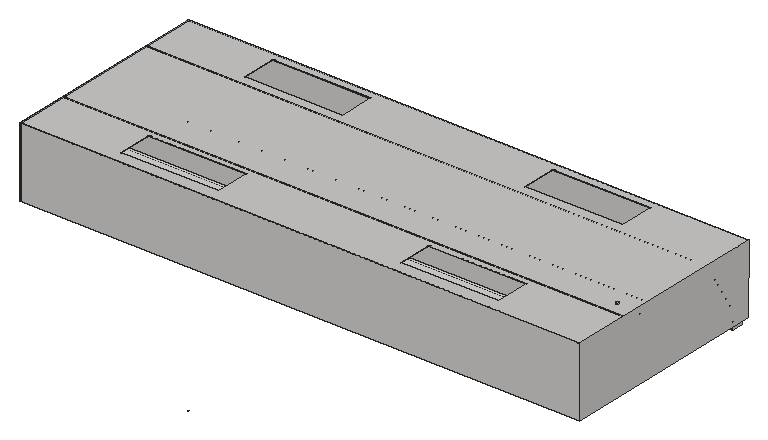
Revit family "QF_ELECTROLUXPROFESSIONAL_641264_STPF1540", category Attrezzature speciali, Revit 2021
Family settings
  Quota connettore circolare = Usa diametro
  Tipo di parte = Normale
  Basato su piano di lavoro = No
  Sempre verticale = Sì
  Taglio con vuoti quando caricato = No
  Condiviso = No
  Punto di calcolo locali = No
Parameters (values of type "Standard")
  Weight = 246.00 kg
  Watts = 320 W
  Volts = 220 V
  URL Manufacturer = "https://www.electroluxprofessional.com/"
  URL = "https://www.electroluxprofessional.com/"
  Steam Supply Size = 0 mm
  Steam Supply Minimum Pressure = 0.0 Pa
  Steam Supply Maximum Pressure = 0.0 Pa
  Steam Consumption per Hour = 0
  Refrigeration Suction Line Size = 0 mm
  Refrigeration Liquid Line Size = 0 mm
  Refrigerant Compressor Remote = yes
  Prospetto di default = 0 mm
  Produttore = "Electrolux Professional"
  Phase = 1
  Modello = "STPF1540"
  Length Actual = 4000 mm  # constant formula
  Item Number = "641264"
  Hot Water Size = 0 mm
  Height Actual = 500 mm  # constant formula
  HP = "0.4 HP"
  Gas Size = 0 mm
  Gas KW = 0
  Gas Input Pressure = 0 W
  Direct Waste Size = 0 mm
  Descrizione = "304 S/S WALL HOOD+FILTERS+LAMPS 400X150"
  Depth Actual = 1500 mm  # constant formula
  Cycle = 50 Hz
  Condensate Return Size = 0 mm
  Compressed Air Volume = 0.0 L/s
  Compressed Air Size = 0 mm
  Compressed Air Pressure = 0.0 Pa
  Cold Water Size = 0 mm
  Accessory = yes
Reference planes
  plane 1: z = 0
  plane 2 "Center (Left/Right)": x = 150
  plane 3 "LEFT": x = -1850
  plane 4 "RIGHT": x = 2150
  plane 5 "BACK": y = 550
  plane 6 "TOP": z = 2500
  plane 7 "Base": z = 2000
  plane 8: z = 1955
  plane 9 "DrainY": y = 490
  plane 10: x = -1847
  plane 11 "DrainX": x = 2030
  plane 12 "AOLeft2": x = -500
  plane 13 "AORight1": x = 800
  plane 14: x = 2147
  plane 15: x = -1650
  plane 16: x = 1950
  plane 17 "Center (Front/Back)": y = -100
  plane 18 "Front": y = -950
  plane 19 "AOLeft1": x = -1200
  plane 20 "AORight2": x = 1500
  plane 21: y = -864
  plane 22: y = -614
  plane 23: y = 240
  plane 24: y = 490
  plane 25 "EI_y": y = -470
  plane 26 "EIx": x = 2030
Forms (mm)
  Extrusion 1, solid, material "QF_Finishes_Stainless Steel"
    sketch origin (-1850, 0, 360) x (0, 1, 0) y (0, 0, 1)
      loop
        line (550, 1640) -> (550, 2140) -> (-950, 2140) -> (-950, 1640) -> (550, 1640)
    from 0 to 3
  Extrusion 2, solid, material "QF_Finishes_Stainless Steel"
    sketch origin (2150, 0, 360) x (0, 1, 0) y (0, 0, 1)
      loop
        line (550, 1640) -> (550, 2140) -> (-950, 2140) -> (-950, 1640) -> (550, 1640)
    from 0 to -3
  Extrusion 3, solid, material "QF_Finishes_Stainless Steel"
    sketch origin (150, 0, 360) x (0, 1, 0) y (0, 0, 1)
      loop
        line (-950, 2140) -> (-950, 1640) -> (-940, 1640) -> (-940, 1640.8) -> (-949.2, 1640.8) -> (-949.2, 2139.19) -> (549.2, 2139.19) -> (549.2, 1640.8) -> (540, 1640.8) -> (540, 1640) -> (550, 1640) -> (550, 2140) -> (-950, 2140)
    from -2000 to 2000
  Extrusion 4, solid, material "QF_Finishes_Stainless Steel"
    sketch origin (0, 0, 2000) x (0, 1, 0) y (-1, 0, 0)
      loop
        circle (490, -2030) r 4.763
    from -30 to 0
  Extrusion 5, void
    sketch origin (0, 0, 2500) x (0, 1, 0) y (-1, 0, 0)
      loop
        line (-614, 500) -> (-614, 1200) -> (-864, 1200) -> (-864, 500) -> (-614, 500)
    from 0 to -10
  Extrusion 6, solid, material "QF_Finishes_Stainless Steel"
    sketch origin (0, 0, 0) x (1, 0, 0) y (0, 1, 0)
      loop
        line (-1850, 550) -> (-1850, 549) -> (-1849, 549) -> (-1849, 550) -> (-1850, 550)
    from 0 to 1
  Extrusion 7, solid, material "QF_LAMPS"
    sketch origin (150, 0, 360) x (0, 1, 0) y (0, 0, 1)
      loop
        line (-572.823, 1962.324) -> (-418.948, 2086.929) -> (-427.129, 2097.032) -> (-581.003, 1972.426) -> (-572.823, 1962.324)
    from 1997 to -1997
  Sweep 8, solid, material "QF_Finishes_Stainless Steel"
    path origin (0, 0, 0) x (1, 0, 0) y (0, 1, 0)
      loop
        line (2150, 550) -> (-1850, 550) -> (-1850, -950) -> (2150, -950) -> (2150, 550)
    profile origin (2150, -200, 0) x (1, 0, 0) y (0, 0, 1)
      loop
        line (-3, 2000) -> (-3, 2000.8) -> (-19, 2000.8) -> (-19, 2010) -> (-20, 2010) -> (-20, 2000) -> (-3, 2000)
  Extrusion 9, solid, material "QF_Finishes_Stainless Steel"
    sketch origin (150, 0, 0) x (0, 1, 0) y (0, 0, 1)
      loop
        line (414.66, 2095.469) -> (440.643, 2110.471) -> (261.744, 2411.771) -> (235.948, 2396.455) -> (414.66, 2095.469)
    from -1997 to -1800
  Extrusion 10, void
    sketch origin (1134.605, 0, 2500) x (0, 1, 0) y (-1, 0, 0)
      loop
        line (-614, -365.395) -> (-614, 334.605) -> (-864, 334.605) -> (-864, -365.395) -> (-614, -365.395)
    from 0 to -10
  Extrusion 11, solid, material "QF_Finishes_Stainless Steel"
    sketch origin (2030, 0, 0) x (0, 1, 0) y (0, 0, 1)
      loop
        line (539, 2000) -> (441, 2000) -> (441, 1989) -> (448.5, 1989) -> (448.5, 1965)
        arc (448.5, 1965) -> (451.429, 1957.929) -> (458.5, 1955) r 10
        line (458.5, 1955) -> (521.5, 1955)
        arc (521.5, 1955) -> (528.571, 1957.929) -> (531.5, 1965) r 10
        line (531.5, 1965) -> (531.5, 1989) -> (539, 1989) -> (539, 2000)
    from 90 to -90
  Extrusion 12, solid, material "QF_Finishes_Stainless Steel"
    sketch origin (150, 0, 0) x (0, 1, 0) y (0, 0, 1)
      loop
        line (414.66, 2095.469) -> (440.643, 2110.471) -> (261.744, 2411.771) -> (235.948, 2396.455) -> (414.66, 2095.469)
    from 1800 to 1997
  Extrusion 13, solid, material "QF_Finished_Chrome"
    sketch origin (150, 0, 0) x (0, 1, 0) y (0, 0, 1)
      loop
        line (414.66, 2095.469) -> (440.643, 2110.471) -> (261.744, 2411.771) -> (235.948, 2396.455) -> (414.66, 2095.469)
    from -1800 to 1800
  Extrusion 14, void
    sketch origin (0, 1180, 2500) x (0, 1, 0) y (-1, 0, 0)
      loop
        line (-690, 500) -> (-690, 1200) -> (-940, 1200) -> (-940, 500) -> (-690, 500)
    from 0 to -10
  Extrusion 15, void
    sketch origin (1600, 1180, 2500) x (0, 1, 0) y (-1, 0, 0)
      loop
        line (-690, 100) -> (-690, 800) -> (-940, 800) -> (-940, 100) -> (-690, 100)
    from 0 to -10
  Extrusion 16, solid, material "QF_Finishes_Stainless Steel"
    sketch origin (0, 0, 2500) x (0, 1, 0) y (-1, 0, 0)
      loop
        circle (-470, -2030) r 10
    from 0 to 1.6
  Extrusion 17, solid, material "QF_Finishes_Stainless Steel"
    sketch origin (150, 0, 360) x (0, 1, 0) y (0, 0, 1)
      loop
        line (430.005, 1640) -> (540, 1640) -> (540, 1640.8) -> (430.467, 1640.8) -> (371.906, 1742.23) -> (414.858, 1734.657) -> (442.266, 1750.481) -> (442.266, 1765.943) -> (441.466, 1765.943) -> (441.466, 1750.943) -> (414.709, 1735.495) -> (321.153, 1751.991) -> (320.875, 1750.416) -> (371.4, 1741.507) -> (430.005, 1640)
      loop
        line (172.529, 2139.19) -> (242.893, 2017.316) -> (245.133, 2018.715) -> (240.13, 2027.381) -> (238.569, 2026.405) -> (173.453, 2139.19) -> (172.529, 2139.19)
    from -1997 to 1997
  Extrusion 18, solid, material "QF_Finishes_Stainless Steel"
    sketch origin (150, 200.8, 360) x (0, 1, 0) y (0, 0, 1)
      loop
        line (-1150, 2139.19) -> (-1150, 1640) -> (-1086.602, 1640) -> (-999.146, 1690.493) -> (-1010.058, 1709.394) -> (-1066.564, 1676.77) -> (-1114.704, 1680.982) -> (-1149.2, 1730.248) -> (-1149.2, 2139.19) -> (-1150, 2139.19)
      loop
        line (-773.6, 1961.694) -> (-781.937, 1971.99) -> (-769.095, 1982.182) -> (-769.095, 2139.19) -> (-769.895, 2139.19) -> (-769.895, 1982.569) -> (-1082.298, 1734.63) -> (-1071.091, 1720.79) -> (-773.6, 1961.694)
      loop
        line (-627.61, 2099.216) -> (-618.171, 2087.559) -> (-554.411, 2139.19) -> (-555.682, 2139.19) -> (-618.052, 2088.684) -> (-626.989, 2099.719) -> (-627.61, 2099.216)
    from -1997 to 1997
  Extrusion 19, solid, material "QF_Finishes_Stainless Steel"
    sketch origin (0, 0, 2500) x (0, 1, 0) y (-1, 0, 0)
      loop
        circle (-470, -2030) r 10
    from 0 to 1.6
Cuts and joins
  Extrusion 5, Extrusion 10, Extrusion 14, Extrusion 15 cuts Extrusion 3
  joined: Extrusion 2, Extrusion 3, Sweep 8
Lines and regions (mm)
  symbolic lines, style "SpecialityEquipment", detail levels coarse
    curve 1: line (2150, 550, 2500) -> (-1850, 550, 2500)
    curve 2: line (-1850, 550, 2500) -> (-1850, -950, 2500)
    curve 3: line (2150, -950, 2500) -> (2150, 550, 2500)
    curve 4: line (-1850, 550, 0) -> (2150, -950, 0)
    curve 5: line (2150, 550, 0) -> (-1850, -950, 0)
    curve 6: line (-1850, -950, 0) -> (2150, -950, 0)
  symbolic lines, detail levels coarse
    curve 7: line (-1200, 240, 2500) -> (-500, 240, 2500)
    curve 8: line (-1200, 490, 2500) -> (-1200, 240, 2500)
    curve 9: line (-500, 490, 2500) -> (-1200, 490, 2500)
    curve 10: line (-500, 240, 2500) -> (-500, 490, 2500)
    curve 11: line (800, 490, 2500) -> (800, 240, 2500)
    curve 12: line (1500, 490, 2500) -> (800, 490, 2500)
    curve 13: line (800, 240, 2500) -> (1500, 240, 2500)
    curve 14: line (1500, 240, 2500) -> (1500, 490, 2500)
    curve 15: line (-1200, -614, 2500) -> (-500, -614, 2500)
    curve 16: line (-1200, -864, 2500) -> (-1200, -614, 2500)
    curve 17: line (-500, -864, 2500) -> (-1200, -864, 2500)
    curve 18: line (-500, -614, 2500) -> (-500, -864, 2500)
    curve 19: line (800, -614, 2500) -> (1500, -614, 2500)
    curve 20: line (800, -864, 2500) -> (800, -614, 2500)
    curve 21: line (1500, -864, 2500) -> (800, -864, 2500)
    curve 22: line (1500, -614, 2500) -> (1500, -864, 2500)
Dimensions and locks
  plane 3 "LEFT" to plane 4 "RIGHT" = 4000 mm
  equal spacing: plane 3 "LEFT", plane 2 "Center (Left/Right)", plane 4 "RIGHT"
  plane 7 "Base" to plane 8 = 45 mm
  plane 5 "BACK" to plane 9 "DrainY" = 60 mm  (x2)
  plane 3 "LEFT" to plane 10 = 3 mm
  plane 11 "DrainX" to plane 4 "RIGHT" = 120 mm
  plane 14 to plane 4 "RIGHT" = 3 mm
  plane 3 "LEFT" to plane 15 = 200 mm
  plane 16 to plane 4 "RIGHT" = 200 mm
  locked: plane 12 "AOLeft2" to plane 13 "AORight1" at 1300
  equal spacing: plane 12 "AOLeft2", plane 2 "Center (Left/Right)", plane 13 "AORight1"
  locked: plane 7 "Base" to level at 2000
  locked: plane 6 "TOP" to plane 7 "Base" at 500
  locked: plane 19 "AOLeft1" to plane 12 "AOLeft2" at 700
  locked: plane 13 "AORight1" to plane 20 "AORight2" at 700
  locked: plane 22 to plane 21 at 250
  locked: plane 21 to plane 18 "Front" at 86
  locked: plane 24 to plane 23 at 250
  locked: plane 5 "BACK" to plane 24 at 60
  locked: plane 25 "EI_y" to plane 18 "Front" at 480
  locked: plane 26 "EIx" to plane 4 "RIGHT" at 120
  locked: plane 5 "BACK" to plane 18 "Front" at 1500
  plane 5 "BACK" to plane 18 "Front" = 1500 mm
  aligned and locked: level to plane 1
  aligned and locked: plane 4 "RIGHT" to Extrusion 3
  aligned and locked: Extrusion 3 to plane 3 "LEFT"
  aligned and locked: Extrusion 2 to plane 14
  aligned and locked: Extrusion 9 to plane 10
  aligned and locked: Extrusion 5 to plane 19 "AOLeft1"
  aligned and locked: Extrusion 5 to plane 12 "AOLeft2"
  aligned and locked: plane 20 "AORight2" to Extrusion 10
  aligned and locked: plane 13 "AORight1" to Extrusion 10
  aligned and locked: plane 15 to Extrusion 9
  aligned and locked: plane 16 to Extrusion 12
  aligned and locked: plane 14 to Extrusion 12
  aligned and locked: Extrusion 13 to plane 15
  aligned and locked: Extrusion 13 to plane 16
  aligned and locked: plane 14 to Extrusion 7
  aligned and locked: Extrusion 7 to plane 10
  aligned and locked: Extrusion 14 to plane 23
  aligned and locked: plane 24 to Extrusion 14
  aligned and locked: plane 24 to Extrusion 15
  aligned and locked: Extrusion 15 to plane 23
  aligned and locked: plane 13 "AORight1" to Extrusion 15
  aligned and locked: plane 20 "AORight2" to Extrusion 15
  aligned and locked: Extrusion 14 to plane 19 "AOLeft1"
  aligned and locked: Extrusion 14 to plane 12 "AOLeft2"
  aligned and locked: Extrusion 17 to plane 10
  aligned and locked: plane 14 to Extrusion 17
  aligned and locked: Extrusion 5 to plane 21
  aligned and locked: plane 22 to Extrusion 5
  aligned and locked: Extrusion 10 to plane 21
  aligned and locked: Extrusion 18 to plane 10
  aligned and locked: plane 14 to Extrusion 18
Automatic sketch dimensions
  curve 6 to plane 3 "LEFT" = 0 mm
  curve 4 to plane 3 "LEFT" = 0 mm
  curve 5 to plane 4 "RIGHT" = 0 mm
  curve 6 to plane 4 "RIGHT" = 0 mm
  curve 4 to plane 18 "Front" = 0 mm
  curve 5 to plane 5 "BACK" = 0 mm
  curve 4 to plane 5 "BACK" = 0 mm
  Extrusion 1 sketch curve to plane 7 "Base" = 0 mm
  Extrusion 1 sketch curve to plane 18 "Front" = 0 mm
  Extrusion 1 sketch curve to plane 5 "BACK" = 0 mm
  Extrusion 1 sketch curve to plane 6 "TOP" = 0 mm
  Extrusion 2 sketch curve to plane 7 "Base" = 0 mm
  Extrusion 2 sketch curve to plane 18 "Front" = 0 mm
  Extrusion 2 sketch curve to plane 5 "BACK" = 0 mm
  Extrusion 2 sketch curve to plane 6 "TOP" = 0 mm
  Extrusion 3 sketch curve to plane 6 "TOP" = 0 mm
  Extrusion 3 sketch curve to plane 18 "Front" = 0 mm
  Extrusion 3 sketch curve to plane 7 "Base" = 0 mm  (x2)
  Extrusion 3 sketch curve to plane 5 "BACK" = 0 mm
  plane 18 "Front" to Extrusion 3 sketch curve = 0.8 mm
  Extrusion 3 sketch curve to Extrusion 3 sketch curve = 9.2 mm
  plane 7 "Base" to Extrusion 3 sketch curve = 0.8 mm  (x2)
  Extrusion 3 sketch curve to plane 5 "BACK" = 10 mm
  Extrusion 3 sketch curve to plane 5 "BACK" = 0.8 mm
  Extrusion 3 sketch curve to plane 6 "TOP" = 0.81 mm
  Extrusion 4 sketch curve to plane 9 "DrainY" = 0 mm
  Extrusion 4 sketch curve to plane 11 "DrainX" = 0 mm
  Extrusion 5 sketch curve to plane 12 "AOLeft2" = 0 mm
  Extrusion 5 sketch curve to plane 21 = 0 mm
  Extrusion 5 sketch curve to plane 22 = 0 mm
  Extrusion 5 sketch curve to plane 19 "AOLeft1" = 0 mm
  Extrusion 6 sketch curve to plane 3 "LEFT" = 0 mm
  Extrusion 6 sketch curve to plane 5 "BACK" = 0 mm
  plane 3 "LEFT" to Extrusion 6 sketch curve = 1 mm
  Extrusion 6 sketch curve to Extrusion 6 sketch curve = 1 mm
  plane 22 to Extrusion 7 sketch curve = 32.997 mm
  Extrusion 7 sketch curve to Extrusion 7 sketch curve = 8.181 mm  (x2)
  plane 25 "EI_y" to Extrusion 7 sketch curve = 42.871 mm
  Extrusion 7 sketch curve to plane 6 "TOP" = 177.676 mm
  Extrusion 7 sketch curve to Extrusion 7 sketch curve = 10.102 mm
  Extrusion 7 sketch curve to plane 6 "TOP" = 53.071 mm
  Extrusion 7 sketch curve to Extrusion 7 sketch curve = 10.103 mm
  Sweep 8 sketch curve to plane 3 "LEFT" = 0 mm
  Sweep 8 sketch curve to plane 4 "RIGHT" = 0 mm
  Sweep 8 sketch curve to plane 18 "Front" = 0 mm
  Sweep 8 sketch curve to plane 5 "BACK" = 0 mm
  profile plane to Sweep 8 sketch curve = 20 mm
  Sweep 8 sketch curve to Sweep 8 sketch curve = 1 mm
  profile plane to Sweep 8 sketch curve = 3 mm
  level to Sweep 8 sketch curve = 2000 mm
  Sweep 8 sketch curve to Sweep 8 sketch curve = 0.8 mm
  Sweep 8 sketch curve to Sweep 8 sketch curve = 9.2 mm
  Extrusion 9 sketch curve to plane 23 = 4.052 mm
  plane 23 to Extrusion 9 sketch curve = 21.744 mm
  Extrusion 9 sketch curve to plane 9 "DrainY" = 75.34 mm
  Extrusion 9 sketch curve to Extrusion 9 sketch curve = 25.983 mm
  plane 7 "Base" to Extrusion 9 sketch curve = 95.469 mm
  Extrusion 9 sketch curve to Extrusion 9 sketch curve = 15.001 mm
  Extrusion 9 sketch curve to plane 6 "TOP" = 103.545 mm
  Extrusion 9 sketch curve to Extrusion 9 sketch curve = 15.316 mm
  Extrusion 10 sketch curve to plane 20 "AORight2" = 0 mm
  Extrusion 10 sketch curve to plane 21 = 0 mm
  Extrusion 10 sketch curve to plane 22 = 0 mm
  Extrusion 10 sketch curve to plane 13 "AORight1" = 0 mm
  Extrusion 11 sketch curve to plane 8 = 0 mm
  Extrusion 11 sketch curve to plane 7 "Base" = 11 mm  (x2)
  Extrusion 11 sketch curve to plane 9 "DrainY" = 49 mm
  Extrusion 11 sketch curve to Extrusion 11 sketch curve = 7.5 mm  (x2)
  Extrusion 11 sketch curve to Extrusion 11 sketch curve = 10 mm
  Extrusion 11 sketch curve to plane 5 "BACK" = 28.5 mm
  Extrusion 11 sketch curve to plane 5 "BACK" = 18.5 mm
  plane 7 "Base" to Extrusion 11 sketch curve = 0 mm
  Extrusion 12 sketch curve to plane 23 = 4.052 mm
  plane 23 to Extrusion 12 sketch curve = 21.744 mm
  Extrusion 12 sketch curve to plane 9 "DrainY" = 75.34 mm
  Extrusion 12 sketch curve to Extrusion 12 sketch curve = 25.983 mm
  plane 7 "Base" to Extrusion 12 sketch curve = 95.469 mm
  Extrusion 12 sketch curve to Extrusion 12 sketch curve = 15.001 mm
  Extrusion 12 sketch curve to plane 6 "TOP" = 103.545 mm
  Extrusion 12 sketch curve to Extrusion 12 sketch curve = 15.316 mm
  Extrusion 13 sketch curve to plane 23 = 4.052 mm
  plane 23 to Extrusion 13 sketch curve = 21.744 mm
  Extrusion 13 sketch curve to plane 9 "DrainY" = 75.34 mm
  Extrusion 13 sketch curve to Extrusion 13 sketch curve = 25.983 mm
  plane 7 "Base" to Extrusion 13 sketch curve = 95.469 mm
  Extrusion 13 sketch curve to Extrusion 13 sketch curve = 15.001 mm
  Extrusion 13 sketch curve to plane 6 "TOP" = 103.545 mm
  Extrusion 13 sketch curve to Extrusion 13 sketch curve = 15.316 mm
  Extrusion 14 sketch curve to plane 12 "AOLeft2" = 0 mm
  Extrusion 14 sketch curve to plane 23 = 0 mm
  Extrusion 14 sketch curve to plane 9 "DrainY" = 0 mm
  Extrusion 14 sketch curve to plane 19 "AOLeft1" = 0 mm
  Extrusion 15 sketch curve to plane 20 "AORight2" = 0 mm
  Extrusion 15 sketch curve to plane 23 = 0 mm
  Extrusion 15 sketch curve to plane 9 "DrainY" = 0 mm
  Extrusion 15 sketch curve to plane 13 "AORight1" = 0 mm
  Extrusion 16 sketch curve to plane 25 "EI_y" = 0 mm
  Extrusion 16 sketch curve to plane 26 "EIx" = 0 mm
  Extrusion 17 sketch curve to plane 7 "Base" = 0 mm
  Extrusion 17 sketch curve to plane 6 "TOP" = 0.81 mm
  Extrusion 17 sketch curve to plane 23 = 67.471 mm
  Extrusion 17 sketch curve to Extrusion 17 sketch curve = 0.924 mm
  Extrusion 17 sketch curve to plane 23 = 1.431 mm
  plane 23 to Extrusion 17 sketch curve = 0.13 mm
  plane 23 to Extrusion 17 sketch curve = 2.893 mm
  Extrusion 17 sketch curve to Extrusion 17 sketch curve = 2.24 mm
  plane 23 to Extrusion 17 sketch curve = 80.875 mm
  Extrusion 17 sketch curve to Extrusion 17 sketch curve = 0.278 mm
  Extrusion 17 sketch curve to Extrusion 17 sketch curve = 50.525 mm
  Extrusion 17 sketch curve to Extrusion 17 sketch curve = 0.506 mm
  Extrusion 17 sketch curve to Extrusion 17 sketch curve = 42.803 mm
  Extrusion 17 sketch curve to Extrusion 17 sketch curve = 0.148 mm
  Extrusion 17 sketch curve to plane 9 "DrainY" = 59.995 mm
  plane 7 "Base" to Extrusion 17 sketch curve = 0.8 mm
  Extrusion 17 sketch curve to Extrusion 17 sketch curve = 0.462 mm  (x2)
  Extrusion 17 sketch curve to Extrusion 17 sketch curve = 109.533 mm
  Extrusion 17 sketch curve to Extrusion 17 sketch curve = 26.757 mm
  Extrusion 17 sketch curve to Extrusion 17 sketch curve = 0.8 mm
  plane 7 "Base" to Extrusion 17 sketch curve = 94.657 mm
  Extrusion 17 sketch curve to Extrusion 17 sketch curve = 0.838 mm
  Extrusion 17 sketch curve to Extrusion 17 sketch curve = 6.012 mm
  Extrusion 17 sketch curve to Extrusion 17 sketch curve = 0.723 mm
  Extrusion 17 sketch curve to Extrusion 17 sketch curve = 14.986 mm
  Extrusion 17 sketch curve to Extrusion 17 sketch curve = 15 mm
  Extrusion 17 sketch curve to plane 6 "TOP" = 122.684 mm
  Extrusion 17 sketch curve to Extrusion 17 sketch curve = 1.399 mm
  Extrusion 17 sketch curve to Extrusion 17 sketch curve = 9.089 mm
  Extrusion 17 sketch curve to Extrusion 17 sketch curve = 0.975 mm
  Extrusion 18 sketch curve to plane 7 "Base" = 0 mm
  plane 18 "Front" to Extrusion 18 sketch curve = 0.8 mm
  Extrusion 18 sketch curve to Extrusion 18 sketch curve = 0.8 mm  (x2)
  plane 18 "Front" to Extrusion 18 sketch curve = 36.096 mm
  Extrusion 18 sketch curve to plane 21 = 21.802 mm
  Extrusion 18 sketch curve to plane 21 = 17.498 mm
  Extrusion 18 sketch curve to plane 21 = 6.291 mm
  Extrusion 18 sketch curve to plane 21 = 1.764 mm
  plane 21 to Extrusion 18 sketch curve = 54.742 mm
  Extrusion 18 sketch curve to Extrusion 18 sketch curve = 10.912 mm
  plane 22 to Extrusion 18 sketch curve = 32.863 mm
  Extrusion 18 sketch curve to Extrusion 18 sketch curve = 8.337 mm
  Extrusion 18 sketch curve to Extrusion 18 sketch curve = 12.042 mm
  plane 25 "EI_y" to Extrusion 18 sketch curve = 43.19 mm
  Extrusion 18 sketch curve to Extrusion 18 sketch curve = 0.622 mm
  Extrusion 18 sketch curve to Extrusion 18 sketch curve = 9.44 mm
  Extrusion 18 sketch curve to Extrusion 18 sketch curve = 0.118 mm
  Extrusion 18 sketch curve to plane 6 "TOP" = 0.81 mm  (x3)
  Extrusion 18 sketch curve to Extrusion 18 sketch curve = 62.37 mm
  Extrusion 18 sketch curve to Extrusion 18 sketch curve = 1.271 mm
  plane 7 "Base" to Extrusion 18 sketch curve = 36.77 mm
  plane 7 "Base" to Extrusion 18 sketch curve = 40.982 mm
  plane 7 "Base" to Extrusion 18 sketch curve = 50.493 mm
  Extrusion 18 sketch curve to Extrusion 18 sketch curve = 18.901 mm
  Extrusion 18 sketch curve to Extrusion 18 sketch curve = 44.02 mm
  Extrusion 18 sketch curve to Extrusion 18 sketch curve = 49.266 mm
  Extrusion 18 sketch curve to Extrusion 18 sketch curve = 13.84 mm
  Extrusion 18 sketch curve to plane 6 "TOP" = 178.306 mm
  Extrusion 18 sketch curve to Extrusion 18 sketch curve = 10.296 mm
  Extrusion 18 sketch curve to Extrusion 18 sketch curve = 10.192 mm
  Extrusion 18 sketch curve to Extrusion 18 sketch curve = 0.386 mm
  Extrusion 18 sketch curve to plane 6 "TOP" = 52.441 mm
  Extrusion 18 sketch curve to Extrusion 18 sketch curve = 1.125 mm
  Extrusion 19 sketch curve to plane 25 "EI_y" = 0 mm
  Extrusion 19 sketch curve to plane 26 "EIx" = 0 mm
  curve 2 to plane 3 "LEFT" = 0 mm
  curve 2 to plane 18 "Front" = 0 mm
  curve 3 to plane 4 "RIGHT" = 0 mm
  curve 3 to plane 18 "Front" = 0 mm
  curve 21 to plane 13 "AORight1" = 0 mm
  curve 21 to plane 21 = 0 mm
  curve 18 to plane 12 "AOLeft2" = 0 mm
  curve 18 to plane 21 = 0 mm
  curve 19 to plane 20 "AORight2" = 0 mm
  curve 19 to plane 22 = 0 mm
  curve 15 to plane 22 = 0 mm
  curve 13 to plane 13 "AORight1" = 0 mm
  curve 13 to plane 23 = 0 mm
  curve 10 to plane 12 "AOLeft2" = 0 mm
  curve 10 to plane 23 = 0 mm
  curve 14 to plane 9 "DrainY" = 0 mm
  curve 10 to plane 9 "DrainY" = 0 mm
  curve 2 to plane 5 "BACK" = 0 mm
  curve 14 to plane 20 "AORight2" = 0 mm
  curve 17 to plane 19 "AOLeft1" = 0 mm
  curve 7 to plane 19 "AOLeft1" = 0 mm
  radius of Extrusion 4 sketch curve = 4.763 mm
  radius of Extrusion 16 sketch curve = 10 mm
  radius of Extrusion 19 sketch curve = 10 mm
Connectors
  piping at (2030, 490, 1970), diameter 9.5
    settings: on Extrusion 4, index 1, connector inside diameter 609.6 mm, connector length 0 mm, flow factor 0, pipe flow 0.0 L/s, pressure drop 0.0 Pa, fitting loss kfactor 0, connector angle 0.00°, fixture units 0, engagement length 0 mm, angle of deflection 0.00°, flow configuration 1, flow direction 2, fitting loss method 0, system type 16, joint type 0, gender type 0, connector reference index -1, connector utility 0, adjustable connector no, is connector primary yes, connector description "Drain"
  hvac at (-850, -739, 2500)
    settings: on Extrusion 5, index 2, duct flow 0.0 L/s, flow factor 0, pres drop 0.0 Pa, loss coef 0, conn angle 0.00°, conn width 250 mm, conn height 700 mm, conn diameter 609.6 mm, duct sys type 1, conn prof type 1, flow config 1, flow direction 1, loss method 0, conn ref index -1, conn util no, is conn primary yes, conn desc "AIR INLET"
  hvac at (1150, -739, 2500)
    settings: on Extrusion 10, index 3, duct flow 0.0 L/s, flow factor 0, pres drop 0.0 Pa, loss coef 0, conn angle 0.00°, conn width 250 mm, conn height 700 mm, conn diameter 609.6 mm, duct sys type 1, conn prof type 1, flow config 1, flow direction 1, loss method 0, conn ref index -1, conn util no, is conn primary no, conn desc "AIR INLET"
  hvac at (-850, 365, 2500)
    settings: on Extrusion 14, index 4, duct flow 0.0 L/s, flow factor 0, pres drop 0.0 Pa, loss coef 0, conn angle 0.00°, conn width 250 mm, conn height 700 mm, conn diameter 609.6 mm, duct sys type 3, conn prof type 1, flow config 1, flow direction 2, loss method 0, conn ref index -1, conn util no, is conn primary no, conn desc "EXHAUST OUTLET"
  hvac at (1150, 365, 2500)
    settings: on Extrusion 15, index 5, duct flow 0.0 L/s, flow factor 0, pres drop 0.0 Pa, loss coef 0, conn angle 0.00°, conn width 250 mm, conn height 700 mm, conn diameter 609.6 mm, duct sys type 3, conn prof type 1, flow config 1, flow direction 2, loss method 0, conn ref index -1, conn util no, is conn primary no, conn desc "EXHAUST OUTLET"
  electrical at (2030, -470, 2501.6), driven by "Volts"
    settings: on Extrusion 16, index 6, voltage 220 V, apparent load 0 VA, apparent load phase1 0 VA, apparent load phase2 0 VA, apparent load phase3 0 VA, power factor 1, load classification "Other", number of poles 1, system type 30, power factor state 1, is connector primary yes, connector utility no, sub classification motor no, connector description "Electrical Connection"
  electrical at (2030, -470, 2501.6)
    settings: on Extrusion 19, index 12, voltage 0 V, apparent load 0 VA, apparent load phase1 0 VA, apparent load phase2 0 VA, apparent load phase3 0 VA, power factor 1, load classification "Other", number of poles 1, system type 30, power factor state 1, is connector primary no, connector utility no, sub classification motor no, connector description ""
